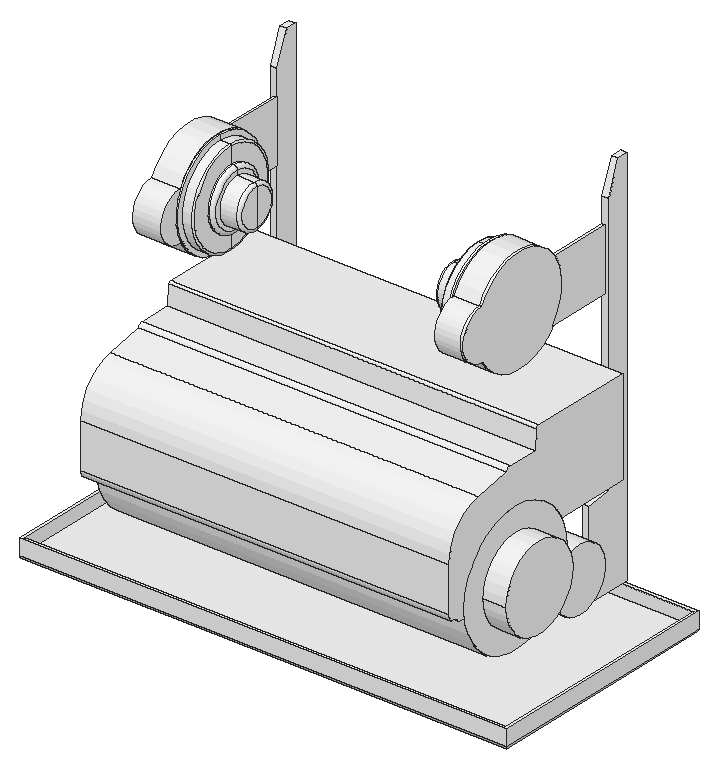
Revit family "NBS_DudleyIndustriesLimited_PprTwlDpnsrs_ModuloAutoCutTowelDispenser", category Electrical Equipment, Revit 2017
Family settings
  Panel Configuration = Two Columns, Circuits Across
  Round Connector Dimension = Use Diameter
  Part Type = Panelboard
  Work Plane-Based = No
  Always vertical = Yes
  Cut with Voids When Loaded = No
  Shared = No
  Room Calculation Point = No
Parameters (values of type "ModuloAutoCutTowelDispenser")
  Weight = "3.5 kg"
  WarrantyStartDate [instance] = "1900-12-31T23:59:59"
  WarrantyGuarantorParts = "n/a"
  WarrantyGuarantorLabor = "n/a"
  WarrantyDurationUnit = "5 year"
  WarrantyDurationParts = "n/a"
  WarrantyDurationLabor = "n/a"
  WarrantyDescription = "n/a"
  Version = "1"  # constant formula
  Uniclass2015Version = "Products v1.12"
  Uniclass2015Title = "Paper towel dispensers"
  Uniclass2015Code = "Pr_40_70_22_62"
  TowelsWidth = "195 / 210 mm"
  TowelsTowelType = "Paper"
  TagNumber [instance] = "n/a"
  SustainabilityPerformance = "n/a"
  Style = "Paper towel dispensers"
  Status = "New"
  Size = "388 x 415 x 193 mm"
  Shape = "n/a"
  SerialNumber [instance] = "n/a"
  Revision = "n/a"
  ReplacementCost = "n/a"
  Reference = "n/a"
  RatedVoltage = "6v dc"
  RatedCurrent = "1200mA"
  ProductInformation = "n/a"
  PowerFactor = 0
  Operation = "No Touch"
  NumberOfPoles = 0
  NominalWidth = 388 mm  # constant formula
  NominalLength = 388 mm
  NominalHeight = 415 mm
  NominalFrequencyRange = "n/a"
  NominalDepth = 193 mm  # constant formula
  Name = "PaperTowelDispensers_ModuloAutoCutTowelDispenser_DudleyIndustriesLimited"
  NBSReference = "45-35-72/344"
  NBSDescription = "Paper towel dispensers"
  NBSCertification = "www.nationalbimlibrary.com/cert/vpve400d"
  ModelReference = "Modulo Auto Cut Towel Dispenser"
  ModelNumber = "92371BK"
  MaterialsFinishAndColour = "Matte black powder coated"
  MaterialsBody = "Stainless steel frame, plastic mechanism"
  Material = "Stainless steel"
  ManufacturerURL = "https://www.dudleyindustries.com/"
  ManufacturerName = "Dudley Industries Limited"  # constant formula
  Manufacturer = "tina.bowden@dudleyindustries.com"
  MainColor = "n/a"
  IsBuiltIn = yes
  InsulationStandardClass = "n/a"
  InstallationDate [instance] = "1900-12-31T23:59:59"
  IfcExportType = "NOTDEFINED"  # constant formula
  IfcExportAs = "IfcFurnitureType"  # constant formula
  IP_Code = "n/a"
  IK_Code = "n/a"
  HasProtectiveEarth = no
  HasBlankPlate [instance] = no
  Grade = "Stainless steel, EN1.4509"
  Form = "Fits the modulo behind the mirror system"
  Finish = "Matte black powder coated"
  Features = "fits the modulo behind the mirror system, provides a hygienic solution as user only touches the paper towel dispensed, no need to touch the unit helping to reduce cleaning requirements, option to have short piece of paper towel visible for next user or none, 3 options for length of towel dispensed: 19cm, 28cm or 37cm, 3 options for sensor range from 3cm to 8cm, consumables not accessible and kept free from contamination by lockable cabinet cover, quick and easy to refill, spare consumables can be conveniently stored, on the shelf within the cabinet, requires 4 x D Cell Batteries, utilises a full modular cabinet space, blanking plates available separately if required"
  ExpectedLife = "5"
  DurationUnit = "year"
  DispensingLength = "190 mm, 280 mm, 370 mm"
  Description = "Autocut paper towel dispenser provides a hygienic hand drying solution, the dispenser detects the movement of a hand underneath and dispenses a portion of new paper towel and automatically cuts it"
  Constituents = "n/a"
  ConductorFunction = "n/a"
  Color = "Black"
  CodePerformance = "n/a"
  Category = "Pr_40_70_22_62:Paper towel dispensers"
  BarCode [instance] = "n/a"
  BIMObjectName = "NBS_DudleyIndustriesLimited_PaperTowelDispensers_ModuloAutoCutTowelDispenser"
  AutoCutBodyMaterial = NBS_Concept
  Author = "NBS"  # constant formula
  AssetType = "Fixed"
  AssetIdentifier [instance] = "n/a"
  AccessibilityPerformance = "n/a"
Reference planes
  plane 1 "Center (Front/Back)": y = 0
  plane 2: z = 0
  plane 3 "Center (Left/Right)": x = 0
  plane 4: z = 15
  plane 5: x = -194
  plane 6: x = 194
  plane 7: y = 96.695
  plane 8: x = -191.8
  plane 9: x = 191.8
  plane 10: y = -93.308
  plane 11: y = 31.1
  plane 12: z = 75.907
  plane 13 "LInside": x = -129.6
  plane 14 "RInside": x = 129.6
  plane 15: z = 320.476
  plane 16: z = 251.968
  plane 17: y = -26.116
  plane 18: z = 74.965
  plane 19: z = 75.907
Forms (mm)
  Sweep 1, solid, material "NBS_Concept" <- "AutoCutBodyMaterial", detail levels medium+fine
    path origin (0, 0, 0) x (1, 0, 0) y (0, 1, 0)
      loop
        line (-194, 96.695) -> (-194, -94.5) -> (194, -94.5) -> (194, 96.695) -> (-194, 96.695)
    profile origin (0, 96.695, 0) x (0, 1, 0) y (0, 0, 1)
      loop
        line (0, 15) -> (-2.195, 15) -> (-2.195, 0.009)
        arc (-2.195, 0.009) -> (-0.656, 0.521) -> (0, 2.004) r 2.004
        line (0, 2.004) -> (0, 15)
  Extrusion 2, solid, material "NBS_Concept" <- "AutoCutBodyMaterial", detail levels medium+fine
    sketch origin (0, 0, 0) x (1, 0, 0) y (0, 1, 0)
      loop
        line (-191.812, 94.507) -> (-191.812, -92.305) -> (191.805, -92.305) -> (191.805, 94.507) -> (-191.812, 94.507)
    from 0 to 5
  Extrusion 3, void
    sketch origin (0, 0, 0) x (1, 0, 0) y (0, 1, 0)
      loop
        line (-116, 29.3) -> (117.5, 29.3) -> (117.5, 84.8) -> (-116, 84.8) -> (-116, 29.3)
    from -10.118 to 15
  Extrusion 4, solid, material "NBS_Concept" <- "AutoCutBodyMaterial", detail levels medium+fine
    sketch origin (0, 4.984, 0) x (0, -1, 0) y (0, 0, -1)
      loop
        line (11.201, -158.246) -> (36.1, -158.246)
        arc (36.1, -158.246) -> (38.364, -157.533) -> (39.809, -155.649) r 3.947
        line (39.809, -155.649) -> (67.85, -150.199)
        arc (67.85, -150.199) -> (89.154, -137.524) -> (97.53, -114.193) r 36.679
        line (97.53, -114.193) -> (97.53, -78.5)
        arc (97.53, -78.5) -> (96.683, -75.34) -> (94.37, -73.026) r 6.32
        line (94.37, -73.026) -> (91.424, -73.026)
        arc (91.424, -73.026) -> (87.399, -70.015) -> (82.466, -69.046) r 11.307
        line (82.466, -69.046) -> (82.466, -74.965)
        arc (82.466, -74.965) -> (43.453, -125.775) -> (-14.766, -99.052) r 51.375
        line (-14.766, -99.052) -> (-75.45, -99.052) -> (-75.45, -175.198) -> (7.603, -175.198)
        arc (7.603, -175.198) -> (8.953, -174.68) -> (9.609, -173.392) r 2.017
        line (9.609, -173.392) -> (11.201, -158.246)
    from -146.98 to 146.275
  Extrusion 5, solid, material "NBS_Concept" <- "AutoCutBodyMaterial", detail levels medium+fine
    sketch origin (0, 4.984, 0) x (0, -1, 0) y (0, 0, -1)
      loop
        circle (31.1, -75.907) r 51.375
    from -146.98 to 146.275
  Extrusion 6, solid, material "NBS_Concept" <- "AutoCutBodyMaterial", detail levels medium+fine
    sketch origin (0, 4.984, 0) x (0, -1, 0) y (0, 0, -1)
      loop
        circle (31.1, -75.907) r 33.199
    from -146.98 to 165.327
  Extrusion 7, solid, material "NBS_Concept" <- "AutoCutBodyMaterial", detail levels medium+fine
    sketch origin (0, 4.984, 0) x (0, -1, 0) y (0, 0, -1)
      loop
        arc (-19.534, -67.213) -> (-15.615, -54.527) -> (-8.575, -43.268) r 51.375
        arc (-8.575, -43.268) -> (-56.11, -35.992) -> (-19.534, -67.213) r 25
    from -122.578 to 146.275
  Extrusion 8, solid, material "NBS_Concept" <- "AutoCutBodyMaterial"
    sketch origin (-129.6, 4.984, 0) x (0, 0, -1) y (0, -1, 0)
      loop
        line (-320.476, -94.508) -> (-15, -94.508) -> (-15, -56.7) -> (-84.321, -56.7) -> (-87.042, -76.061) -> (-295.887, -76.061) -> (-320.476, -85.5) -> (-320.476, -94.508)
    from 0 to 5
  Extrusion 9, solid, material "NBS_Concept" <- "AutoCutBodyMaterial"
    sketch origin (129.6, 4.984, 0) x (0, 0, -1) y (0, 1, 0)
      loop
        line (-320.476, 94.508) -> (-320.476, 85.5) -> (-295.887, 76.061) -> (-87.042, 76.061) -> (-84.321, 56.7) -> (-15, 56.7) -> (-15, 94.508) -> (-320.476, 94.508)
    from 0 to 5
  Revolve 10, solid, material "NBS_Concept" <- "AutoCutBodyMaterial", detail levels medium+fine
    sketch origin (0, -3.766, 0) x (1, 0, 0) y (0, 0, -1)
      loop
        line (-77.955, -251.968) -> (-108.59, -251.968) -> (-108.59, -294.013) -> (-106.99, -294.013) -> (-106.99, -290.068) -> (-99.414, -289.804)
        arc (-99.414, -289.804) -> (-98.606, -289.444) -> (-98.275, -288.624) r 1.18
        line (-98.275, -288.624) -> (-98.275, -275.891) -> (-96.59, -275.891)
        arc (-96.59, -275.891) -> (-94.469, -275.012) -> (-93.59, -272.891) r 3
        line (-93.59, -272.891) -> (-93.59, -269.586) -> (-80.276, -269.121)
        arc (-80.276, -269.121) -> (-78.63, -268.388) -> (-77.955, -266.717) r 2.405
        line (-77.955, -266.717) -> (-77.955, -251.968)
      axis (-77.955, -251.968) -> (-108.59, -251.968)
    angle from 0 to 360
  Revolve 11, solid, material "NBS_Concept" <- "AutoCutBodyMaterial", detail levels medium+fine
    sketch origin (0, -3.766, 0) x (-1, 0, 0) y (0, 0, 1)
      loop
        line (-77.955, 251.968) -> (-77.955, 266.717)
        arc (-77.955, 266.717) -> (-78.63, 268.388) -> (-80.276, 269.121) r 2.405
        line (-80.276, 269.121) -> (-93.59, 269.586) -> (-93.59, 272.891)
        arc (-93.59, 272.891) -> (-94.469, 275.012) -> (-96.59, 275.891) r 3
        line (-96.59, 275.891) -> (-98.275, 275.891) -> (-98.275, 288.624)
        arc (-98.275, 288.624) -> (-98.606, 289.444) -> (-99.414, 289.804) r 1.18
        line (-99.414, 289.804) -> (-106.99, 290.068) -> (-106.99, 294.013) -> (-108.59, 294.013) -> (-108.59, 251.968) -> (-77.955, 251.968)
      axis (-77.955, 251.968) -> (-108.59, 251.968)
    angle from 0 to 360
  Extrusion 12, solid, material "NBS_Concept" <- "AutoCutBodyMaterial", detail levels medium+fine
    sketch origin (0, -3.766, 0) x (1, 0, 0) y (0, 0, -1)
      loop
        line (-118.99, -289.091) -> (-117.49, -289.091) -> (-117.49, -280.039)
        arc (-117.49, -280.039) -> (-117.052, -278.982) -> (-115.995, -278.544) r 1.495
        line (-115.995, -278.544) -> (-108.59, -278.544) -> (-108.59, -277.095) -> (-116.228, -277.095)
        arc (-116.228, -277.095) -> (-118.181, -277.904) -> (-118.99, -279.857) r 2.762
        line (-118.99, -279.857) -> (-118.99, -289.091)
      loop
        line (-108.59, -289.802) -> (-108.59, -287.393) -> (-113.34, -287.393) -> (-113.34, -291.084) -> (-112.008, -292.417) -> (-111.002, -292.417) -> (-111.002, -289.802) -> (-108.59, -289.802)
      loop
        line (-118.99, -214.845) -> (-118.99, -224.08)
        arc (-118.99, -224.08) -> (-118.181, -226.032) -> (-116.228, -226.841) r 2.762
        line (-116.228, -226.841) -> (-108.59, -226.841) -> (-108.59, -225.393) -> (-115.995, -225.393)
        arc (-115.995, -225.393) -> (-117.052, -224.955) -> (-117.49, -223.897) r 1.495
        line (-117.49, -223.897) -> (-117.49, -214.845) -> (-118.99, -214.845)
      loop
        line (-108.59, -214.135) -> (-111.002, -214.135) -> (-111.002, -211.52) -> (-112.008, -211.52) -> (-113.34, -212.852) -> (-113.34, -216.544) -> (-108.59, -216.544) -> (-108.59, -214.135)
    from 0 to 5
  Extrusion 13, solid, material "NBS_Concept" <- "AutoCutBodyMaterial", detail levels medium+fine
    sketch origin (0, -3.766, 0) x (-1, 0, 0) y (0, 0, 1)
      loop
        line (-118.99, 289.091) -> (-118.99, 279.857)
        arc (-118.99, 279.857) -> (-118.181, 277.904) -> (-116.228, 277.095) r 2.762
        line (-116.228, 277.095) -> (-108.59, 277.095) -> (-108.59, 278.544) -> (-115.995, 278.544)
        arc (-115.995, 278.544) -> (-117.052, 278.982) -> (-117.49, 280.039) r 1.495
        line (-117.49, 280.039) -> (-117.49, 289.091) -> (-118.99, 289.091)
      loop
        line (-108.59, 289.802) -> (-111.002, 289.802) -> (-111.002, 292.417) -> (-112.008, 292.417) -> (-113.34, 291.084) -> (-113.34, 287.393) -> (-108.59, 287.393) -> (-108.59, 289.802)
      loop
        line (-118.99, 214.845) -> (-117.49, 214.845) -> (-117.49, 223.897)
        arc (-117.49, 223.897) -> (-117.052, 224.955) -> (-115.995, 225.393) r 1.495
        line (-115.995, 225.393) -> (-108.59, 225.393) -> (-108.59, 226.841) -> (-116.228, 226.841)
        arc (-116.228, 226.841) -> (-118.181, 226.032) -> (-118.99, 224.08) r 2.762
        line (-118.99, 224.08) -> (-118.99, 214.845)
      loop
        line (-108.59, 214.135) -> (-108.59, 216.544) -> (-113.34, 216.544) -> (-113.34, 212.852) -> (-112.008, 211.52) -> (-111.002, 211.52) -> (-111.002, 214.135) -> (-108.59, 214.135)
    from 0 to 5
  Extrusion 14, solid, material "NBS_Concept" <- "AutoCutBodyMaterial", detail levels medium+fine
    sketch origin (-129.6, 4.984, 0) x (0, 0, -1) y (0, -1, 0)
      loop
        arc (-270.81, 45.902) -> (-252.901, -33.801) -> (-231.477, 45.03) r 42.084
        arc (-231.477, 45.03) -> (-250.708, 65.127) -> (-270.81, 45.902) r 19.671
    from -20.5 to 2
  Extrusion 15, solid, material "NBS_Concept" <- "AutoCutBodyMaterial", detail levels medium+fine
    sketch origin (129.6, 4.984, 0) x (0, 0, -1) y (0, 1, 0)
      loop
        arc (-270.81, -45.902) -> (-250.708, -65.127) -> (-231.477, -45.03) r 19.671
        arc (-231.477, -45.03) -> (-252.901, 33.801) -> (-270.81, -45.902) r 42.084
    from 0 to 2
  Extrusion 16, solid, material "NBS_Concept" <- "AutoCutBodyMaterial", detail levels medium+fine
    sketch origin (-129.6, 4.984, 0) x (0, 0, -1) y (0, -1, 0)
      loop
        line (-275.815, -26.402) -> (-275.815, -76.061) -> (-226.615, -76.061) -> (-226.615, -24.79)
        arc (-226.615, -24.79) -> (-250.948, -33.736) -> (-275.815, -26.402) r 41.266
    from 0 to 2
  Extrusion 17, solid, material "NBS_Concept" <- "AutoCutBodyMaterial", detail levels medium+fine
    sketch origin (129.6, 4.984, 0) x (0, 0, -1) y (0, 1, 0)
      loop
        arc (-270.81, -45.902) -> (-250.708, -65.127) -> (-231.477, -45.03) r 19.671
        arc (-231.477, -45.03) -> (-252.901, 33.801) -> (-270.81, -45.902) r 42.084
    from -20.5 to 2
  Extrusion 18, solid, material "NBS_Concept" <- "AutoCutBodyMaterial", detail levels medium+fine
    sketch origin (129.6, 4.984, 0) x (0, 0, -1) y (0, 1, 0)
      loop
        arc (-275.815, 26.402) -> (-250.948, 33.736) -> (-226.615, 24.79) r 41.266
        line (-226.615, 24.79) -> (-226.615, 76.061) -> (-275.815, 76.061) -> (-275.815, 26.402)
    from 0 to 2
  Extrusion 19, solid, material "NBS_Concept" <- "AutoCutBodyMaterial", visible <- "HasBlankPlate"
    sketch origin (0, 0, 0) x (1, 0, 0) y (0, 1, 0)
      loop
        line (-191.805, 94.5) -> (-191.805, -92.305) -> (191.805, -92.305) -> (191.805, 94.5) -> (-191.805, 94.5)
    from -0.897 to 2
  Extrusion 20, solid, material "NBS_Concept" <- "AutoCutBodyMaterial", detail levels coarse
    sketch origin (-129.6, 0, 0) x (0, 0, -1) y (0, -1, 0)
      loop
        line (-175.198, -96.695) -> (-1.998, -96.695) -> (-1.998, 94.5) -> (-15, 94.5) -> (-15, 77.425) -> (-78.5, 77.425) -> (-78.5, 92.546) -> (-114.193, 92.546) -> (-138.814, 88.205) -> (-175.198, 2.619) -> (-175.198, -96.695)
    from -294.927 to 17.38
  Extrusion 21, solid, material "NBS_Concept" <- "AutoCutBodyMaterial", detail levels coarse
    sketch origin (-129.6, 0, 0) x (0, 0, -1) y (0, -1, 0)
      loop
        line (-275.815, -81.045) -> (-225.815, -81.045) -> (-225.815, 59.972) -> (-275.815, 59.972) -> (-275.815, -81.045)
    from 0 to 2
  Extrusion 22, solid, material "NBS_Concept" <- "AutoCutBodyMaterial", detail levels coarse
    sketch origin (129.6, 0, 0) x (0, 0, -1) y (0, 1, 0)
      loop
        line (-275.815, 81.045) -> (-275.815, -59.972) -> (-225.815, -59.972) -> (-225.815, 81.045) -> (-275.815, 81.045)
    from 0 to 2
  Extrusion 23, solid, material "NBS_Concept" <- "AutoCutBodyMaterial", detail levels coarse
    sketch origin (-129.6, 0, 0) x (0, 0, -1) y (0, -1, 0)
      loop
        line (-275.815, 28.131) -> (-275.815, -20) -> (-226.841, -20) -> (-226.841, 28.131) -> (-275.815, 28.131)
    from -36.01 to 0
  Extrusion 24, solid, material "NBS_Concept" <- "AutoCutBodyMaterial", detail levels coarse
    sketch origin (-129.6, 0, 0) x (0, 0, -1) y (0, -1, 0)
      loop
        line (-269.298, 21.276) -> (-269.298, -13.644) -> (-235.235, -13.644) -> (-235.235, 21.276) -> (-269.298, 21.276)
    from -52.435 to -31.325
  Extrusion 25, solid, material "NBS_Concept" <- "AutoCutBodyMaterial", detail levels coarse
    sketch origin (129.6, 0, 0) x (0, 0, -1) y (0, 1, 0)
      loop
        line (-275.815, -28.131) -> (-226.841, -28.131) -> (-226.841, 20) -> (-275.815, 20) -> (-275.815, -28.131)
    from -36.01 to 0
  Extrusion 26, solid, material "NBS_Concept" <- "AutoCutBodyMaterial", detail levels coarse
    sketch origin (129.6, 0, 0) x (0, 0, -1) y (0, 1, 0)
      loop
        line (-269.298, -21.276) -> (-235.235, -21.276) -> (-235.235, 13.644) -> (-269.298, 13.644) -> (-269.298, -21.276)
    from -52.435 to -31.325
Cuts and joins
  Extrusion 3 cuts Extrusion 2
Dimensions and locks
  locked: plane 5 to plane 8 at 2.2
  locked: plane 9 to plane 6 at 2.2
  locked: plane 15 to level at 320.476
  locked: plane 15 to plane 16 at 68.508
  aligned and locked: level to plane 2
  aligned and locked: plane 7 to Sweep 1 sketch curve
  aligned and locked: plane 5 to Sweep 1 sketch curve
  aligned and locked: Sweep 1 sketch curve to plane 6
  aligned and locked: profile plane to Sweep 1 sketch curve
  aligned and locked: plane 4 to Sweep 1 sketch curve
  aligned and locked: Extrusion 2 sketch curve to Sweep 1  (x4)
Connectors
  electrical at (-0.353, 80.434, 137.125)
    settings: on Extrusion 4, index 2, voltage 0 V, apparent load 0 VA, apparent load phase1 0 VA, apparent load phase2 0 VA, apparent load phase3 0 VA, power factor 1, load classification "Other", number of poles 1, system type 31, power factor state 1, is connector primary yes, connector utility no, sub classification motor no, connector description ""
